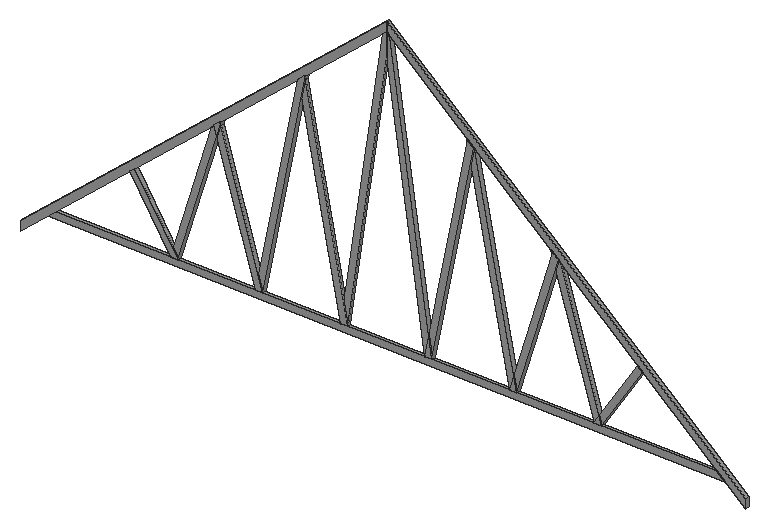
Revit family "TripleFinkTruss", category Structural Framing, Revit 2023
Family settings
  Section Shape = Not Defined
  Material for Model Behavior = Wood
  Always export as geometry = No
  OmniClass Number = 23.25.30.21.14
  OmniClass Title = Trussed Beams and Joists
  Work Plane-Based = No
  Always vertical = Yes
  Cut with Voids When Loaded = No
  Symbolic Representation = From Family
  Shared = No
  Show family pre-cut in plan views = Yes
Parameters
  WebWidth [instance] = 50 mm
  TopWidth [instance] = 50 mm
  WebDepth [instance] = 100 mm
  Structural Material [instance] = Poche
  SpanleftMini [instance] = SpanLeft / 12  # 416.667 mm
  SpanRightMini [instance] = SpanRight / 12  # 416.667 mm
  SpanRight [instance] = 5000 mm
  SpanLeft [instance] = 5000 mm
  Span [instance] = SpanLeft + SpanRight  # 10000 mm
  SlopeRight [instance] = 40.00°
  SlopeLeft [instance] = 40.00°
  OverhangRight [instance] = 400 mm
  OverhangLeft [instance] = 300 mm
  BottomWidth [instance] = 50 mm
  BottomDepth [instance] = 100 mm
  TopDepth [instance] = 100 mm
Reference planes
  plane 1 "Center (Front/Back)": y = 0
  plane 2: z = 0
  plane 3 "Center (Left/Right)": x = 0
  plane 4: x = 5000
  plane 5: x = 5300
  plane 6: x = -5000
  plane 7: x = -5400
  plane 8: z = 100
  plane 9: x = -1250
  plane 10: x = -2500
  plane 11: x = -3750
  plane 12: x = 1250
  plane 13: x = 2500
  plane 14: x = 3750
  plane 15: x = -625
  plane 16: x = -1875
  plane 17: x = -3125
  plane 18: x = 625
  plane 19: x = 1875
  plane 20: x = 3125
  plane 21: x = -4375
  plane 22: x = 4375
Forms (mm)
  Extrusion 1, solid, material "Cherry"
    sketch origin (0, 0, 0) x (1, 0, 0) y (0, 0, 1)
      loop
        line (-5000, 0) -> (5000, 0) -> (4880.825, 100) -> (-4880.825, 100) -> (-5000, 0)
    from -25 to 25
  Extrusion 2, solid, material "Cherry"
    sketch origin (0, 0, 0) x (1, 0, 0) y (0, 0, 1)
      loop
        line (-58.007, 4146.825) -> (-675.579, 100) -> (-574.421, 100) -> (0, 3864.065) -> (0, 4195.498) -> (-58.007, 4146.825)
    from -25 to 25
  Extrusion 3, solid, material "Cherry"
    sketch origin (0, 0, 0) x (1, 0, 0) y (0, 0, 1)
      loop
        line (0, 3864.065) -> (574.421, 100) -> (675.579, 100) -> (58.007, 4146.825) -> (0, 4195.498) -> (0, 3864.065)
    from -25 to 25
  Extrusion 4, solid, material "Cherry"
    sketch origin (0, 0, 0) x (1, 0, 0) y (0, 0, 1)
      loop
        line (573.959, 100) -> (676.041, 100) -> (1293.545, 3110.085) -> (1206.455, 3183.163) -> (573.959, 100)
    from -25 to 25
  Extrusion 5, solid, material "Cherry"
    sketch origin (0, 0, 0) x (1, 0, 0) y (0, 0, 1)
      loop
        line (3065.128, 100) -> (3184.872, 100) -> (3788.56, 1016.519) -> (3711.44, 1081.23) -> (3065.128, 100)
    from -25 to 25
  Extrusion 6, solid, material "Cherry"
    sketch origin (0, 0, 0) x (1, 0, 0) y (0, 0, 1)
      loop
        line (-3184.872, 100) -> (-3065.128, 100) -> (-3711.44, 1081.23) -> (-3788.56, 1016.519) -> (-3184.872, 100)
    from -25 to 25
  Extrusion 7, solid, material "Cherry"
    sketch origin (0, 0, 0) x (1, 0, 0) y (0, 0, 1)
      loop
        line (-1822.61, 100) -> (-2458.504, 2132.569) -> (-2541.496, 2062.929) -> (-1927.39, 100) -> (-1822.61, 100)
    from -25 to 25
  Extrusion 8, solid, material "Cherry"
    sketch origin (0, 0, 0) x (1, 0, 0) y (0, 0, 1)
      loop
        line (1927.39, 100) -> (2541.496, 2062.929) -> (2458.504, 2132.569) -> (1822.61, 100) -> (1927.39, 100)
    from -25 to 25
  Extrusion 9, solid, material "Cherry"
    sketch origin (0, 0, 0) x (1, 0, 0) y (0, 0, 1)
      loop
        line (2571.038, 2038.141) -> (2428.962, 2157.357) -> (3072.61, 100) -> (3177.39, 100) -> (2571.038, 2038.141)
    from -25 to 25
  Extrusion 10, solid, material "Cherry"
    sketch origin (0, 0, 0) x (1, 0, 0) y (0, 0, 1)
      loop
        line (-2428.962, 2157.357) -> (-2571.038, 2038.141) -> (-3177.39, 100) -> (-3072.61, 100) -> (-2428.962, 2157.357)
    from -25 to 25
  Extrusion 11, solid, material "Cherry"
    sketch origin (0, 0, 0) x (1, 0, 0) y (0, 0, 1)
      loop
        line (-1188.346, 3198.358) -> (-1311.654, 3094.89) -> (-1926.041, 100) -> (-1823.959, 100) -> (-1188.346, 3198.358)
    from -25 to 25
  Extrusion 12, solid, material "Cherry"
    sketch origin (0, 0, 0) x (1, 0, 0) y (0, 0, 1)
      loop
        line (1311.654, 3094.89) -> (1188.346, 3198.358) -> (1823.959, 100) -> (1926.041, 100) -> (1311.654, 3094.89)
    from -25 to 25
  Extrusion 13, solid, material "Cherry"
    sketch origin (0, 0, 0) x (1, 0, 0) y (0, 0, 1)
      loop
        line (5300, -251.73) -> (5300, -121.189) -> (0, 4326.039) -> (0, 4195.498) -> (5300, -251.73)
    from -25 to 25
  Extrusion 14, solid, material "Cherry"
    sketch origin (0, 0, 0) x (1, 0, 0) y (0, 0, 1)
      loop
        line (-5400, -335.64) -> (0, 4195.498) -> (0, 4326.039) -> (-5400, -205.099) -> (-5400, -335.64)
    from -25 to 25
  Extrusion 15, solid, material "Cherry"
    sketch origin (0, 0, 0) x (1, 0, 0) y (0, 0, 1)
      loop
        line (-573.959, 100) -> (-1206.455, 3183.163) -> (-1293.545, 3110.085) -> (-676.041, 100) -> (-573.959, 100)
    from -25 to 25
Lines and regions (mm)
  reference lines
    curve 1: line (5000, 0, 0) -> (0, 0, 4195.498)
    curve 2: line (5155.572, 0, 0) -> (120, 0, 4225.347)
    curve 3: line (-5000, 0, 0) -> (0, 0, 4195.498)
    curve 4: line (-5026.162, 0, 108.588) -> (-162.055, 0, 4190.058)
    curve 5: line (0, 25, 1595.888) -> (0, 25, -804.112)
    curve 6: line (0, -25, 1595.888) -> (0, -25, -804.112)
    curve 7: line (0, -25, 1595.888) -> (0, -25, -804.112)
    curve 8: line (0, -25, 1595.888) -> (0, -25, -804.112)
    curve 9: line (0, 25, 1595.888) -> (0, 25, -804.112)
    curve 10: line (0, 25, 1595.888) -> (0, 25, -804.112)
    curve 11: line (0, 0, 4195.498) -> (-625, 0, 100)
    curve 12: line (-625, 0, 100) -> (-1250, 0, 3146.624)
    curve 13: line (-1250, 0, 3146.624) -> (-1875, 0, 100)
    curve 14: line (-1875, 0, 100) -> (-2500, 0, 2097.749)
    curve 15: line (-2500, 0, 2097.749) -> (-3125, 0, 100)
    curve 16: line (-3125, 0, 100) -> (-3750, 0, 1048.875)
    curve 17: line (0, 0, 4195.498) -> (625, 0, 100)
    curve 18: line (625, 0, 100) -> (1250, 0, 3146.624)
    curve 19: line (1250, 0, 3146.624) -> (1875, 0, 100)
    curve 20: line (1875, 0, 100) -> (2500, 0, 2097.749)
    curve 21: line (2500, 0, 2097.749) -> (3125, 0, 100)
    curve 22: line (3125, 0, 100) -> (3750, 0, 1048.875)
    curve 23: line (3128.08, 0, 195.574) -> (3670.408, 0, 1018.935)
    curve 24: line (3120.253, 0, 1.896) -> (3829.592, 0, 1078.814)
    curve 25: line (2593.838, 0, 1965.265) -> (3142.021, 0, 213.054)
    curve 26: line (2406.162, 0, 2230.233) -> (3122.147, 0, -58.339)
    curve 27: line (1857.979, 0, 213.054) -> (2406.162, 0, 1965.265)
    curve 28: line (1877.853, 0, -58.339) -> (2593.838, 0, 2230.233)
    curve 29: line (1347.173, 0, 2921.752) -> (1923.116, 0, 114.259)
    curve 30: line (1152.827, 0, 3371.495) -> (1826.884, 0, 85.741)
    curve 31: line (576.884, 0, 114.259) -> (1152.827, 0, 2921.752)
    curve 32: line (673.116, 0, 85.741) -> (1347.173, 0, 3371.495)
    curve 33: line (98.396, 0, 3882.162) -> (672.857, 0, 117.838)
    curve 34: line (-98.396, 0, 4508.835) -> (577.143, 0, 82.162)
    curve 35: line (-98.396, 0, 3882.162) -> (-672.857, 0, 117.838)
    curve 36: line (98.396, 0, 4508.835) -> (-577.143, 0, 82.162)
    curve 37: line (-576.884, 0, 114.259) -> (-1152.827, 0, 2921.752)
    curve 38: line (-673.116, 0, 85.741) -> (-1347.173, 0, 3371.495)
    curve 39: line (-1347.173, 0, 2921.752) -> (-1923.116, 0, 114.259)
    curve 40: line (-1152.827, 0, 3371.495) -> (-1826.884, 0, 85.741)
    curve 41: line (-1857.979, 0, 213.054) -> (-2406.162, 0, 1965.265)
    curve 42: line (-1877.853, 0, -58.339) -> (-2593.838, 0, 2230.233)
    curve 43: line (-2593.838, 0, 1965.265) -> (-3142.021, 0, 213.054)
    curve 44: line (-2406.162, 0, 2230.233) -> (-3122.147, 0, -58.339)
    curve 45: line (-3128.08, 0, 195.574) -> (-3670.408, 0, 1018.935)
    curve 46: line (-3120.253, 0, 1.896) -> (-3829.592, 0, 1078.814)
Dimensions and locks
  "OverhangLeft": plane 4 to plane 5
  "OverhangRight": plane 6 to plane 7
  "SpanRight": plane 3 "Center (Left/Right)" to plane 6
  "SpanLeft": plane 3 "Center (Left/Right)" to plane 4
  "BottomDepth": level to plane 8
  "TopDepth": curve 1 to curve 2
  "TopDepth": curve 4 to curve 3
  equal spacing: curve 5, plane 1 "Center (Front/Back)", curve 6
  "TopWidth": curve 5 to curve 6
  equal spacing: curve 9, plane 1 "Center (Front/Back)", curve 7
  equal spacing: curve 10, plane 1 "Center (Front/Back)", curve 8
  "WebWidth": curve 9 to curve 7
  "BottomWidth": curve 10 to curve 8
  plane 4 to plane 3 "Center (Left/Right)" = 5000 mm
  plane 3 "Center (Left/Right)" to plane 6 = 5000 mm
  equal spacing: plane 3 "Center (Left/Right)", plane 18, plane 12, plane 19, plane 13, plane 20, plane 14, plane 22, plane 4
  equal spacing: plane 3 "Center (Left/Right)", plane 15, plane 9, plane 16, plane 10, plane 17, plane 11, plane 21, plane 6
  equal spacing: curve 23, curve 22, curve 24
  equal spacing: curve 25, curve 21, curve 26
  equal spacing: curve 27, curve 20, curve 28
  equal spacing: curve 29, curve 19, curve 30
  equal spacing: curve 31, curve 18, curve 32
  equal spacing: curve 33, curve 17, curve 34
  equal spacing: curve 36, curve 11, curve 35
  equal spacing: curve 38, curve 12, curve 37
  equal spacing: curve 40, curve 13, curve 39
  equal spacing: curve 42, curve 14, curve 41
  equal spacing: curve 44, curve 15, curve 43
  equal spacing: curve 46, curve 16, curve 45
  "WebDepth": curve 23 to curve 24
  "WebDepth": curve 25 to curve 26
  "WebDepth": curve 27 to curve 28
  "WebDepth": curve 29 to curve 30
  "WebDepth": curve 31 to curve 32
  "WebDepth": curve 33 to curve 34
  "WebDepth": curve 36 to curve 35
  "WebDepth": curve 38 to curve 37
  "WebDepth": curve 40 to curve 39
  "WebDepth": curve 42 to curve 41
  "WebDepth": curve 44 to curve 43
  "WebDepth": curve 46 to curve 45
  "SlopeLeft": angle level to curve 1
  "SlopeRight": angle curve 3 to level
  aligned and locked: plane 2 to level
  aligned and locked: level to curve 1
  aligned and locked: plane 3 "Center (Left/Right)" to curve 1
  aligned and locked: plane 4 to curve 1
  aligned and locked: plane 6 to curve 3
  aligned and locked: level to Extrusion 1 sketch curve
  aligned and locked: plane 8 to Extrusion 1 sketch curve
  aligned and locked: Extrusion 1 sketch curve to curve 3
  aligned and locked: Extrusion 1 sketch curve to curve 1
  aligned and locked: curve 10 to Extrusion 1
  aligned and locked: Extrusion 1 to curve 8
  aligned and locked: Extrusion 2 sketch curve to curve 35
  aligned and locked: curve 36 to Extrusion 2 sketch curve
  aligned and locked: curve 3 to Extrusion 2 sketch curve
  aligned and locked: plane 3 "Center (Left/Right)" to Extrusion 2 sketch curve
  aligned and locked: Extrusion 1 to Extrusion 2 sketch curve
  aligned and locked: curve 34 to Extrusion 3 sketch curve
  aligned and locked: Extrusion 3 sketch curve to curve 33
  aligned and locked: plane 3 "Center (Left/Right)" to Extrusion 3 sketch curve
  aligned and locked: Extrusion 1 to Extrusion 3 sketch curve
  aligned and locked: curve 1 to Extrusion 3 sketch curve
  aligned and locked: Extrusion 4 sketch curve to curve 31
  aligned and locked: curve 32 to Extrusion 4 sketch curve
  aligned and locked: curve 1 to Extrusion 4 sketch curve
  aligned and locked: Extrusion 1 to Extrusion 4 sketch curve
  aligned and locked: Extrusion 5 sketch curve to curve 23
  aligned and locked: curve 24 to Extrusion 5 sketch curve
  aligned and locked: curve 1 to Extrusion 5 sketch curve
  aligned and locked: Extrusion 1 to Extrusion 5 sketch curve
  aligned and locked: curve 46 to Extrusion 6 sketch curve
  aligned and locked: Extrusion 6 sketch curve to curve 45
  aligned and locked: curve 3 to Extrusion 6 sketch curve
  aligned and locked: Extrusion 1 to Extrusion 6 sketch curve
  aligned and locked: Extrusion 7 sketch curve to curve 41
  aligned and locked: curve 42 to Extrusion 7 sketch curve
  aligned and locked: curve 3 to Extrusion 7 sketch curve
  aligned and locked: Extrusion 1 to Extrusion 7 sketch curve
  aligned and locked: curve 28 to Extrusion 8 sketch curve
  aligned and locked: Extrusion 8 sketch curve to curve 27
  aligned and locked: curve 1 to Extrusion 8 sketch curve
  aligned and locked: Extrusion 1 to Extrusion 8 sketch curve
  aligned and locked: Extrusion 7 to curve 9
  aligned and locked: Extrusion 7 to curve 7
  aligned and locked: curve 9 to Extrusion 6
  aligned and locked: Extrusion 6 to curve 7
  aligned and locked: Extrusion 3 to Extrusion 2  (x2)
  aligned and locked: Extrusion 2 to Extrusion 4
  aligned and locked: Extrusion 4 to Extrusion 2
  aligned and locked: Extrusion 2 to Extrusion 8
  aligned and locked: Extrusion 8 to Extrusion 2
  aligned and locked: curve 9 to Extrusion 5
  aligned and locked: Extrusion 5 to curve 7
  aligned and locked: Extrusion 9 sketch curve to curve 25
  aligned and locked: curve 26 to Extrusion 9 sketch curve
  aligned and locked: curve 1 to Extrusion 9 sketch curve
  aligned and locked: Extrusion 1 to Extrusion 9 sketch curve
  aligned and locked: curve 44 to Extrusion 10 sketch curve
  aligned and locked: Extrusion 10 sketch curve to curve 43
  aligned and locked: curve 3 to Extrusion 10 sketch curve
  aligned and locked: Extrusion 1 to Extrusion 10 sketch curve
  aligned and locked: curve 40 to Extrusion 11 sketch curve
  aligned and locked: Extrusion 11 sketch curve to curve 39
  aligned and locked: curve 3 to Extrusion 11 sketch curve
  aligned and locked: Extrusion 1 to Extrusion 11 sketch curve
  aligned and locked: Extrusion 12 sketch curve to curve 29
  aligned and locked: curve 30 to Extrusion 12 sketch curve
  aligned and locked: Extrusion 1 to Extrusion 12 sketch curve
  aligned and locked: curve 1 to Extrusion 12 sketch curve
  aligned and locked: Extrusion 2 to Extrusion 10
  aligned and locked: Extrusion 10 to Extrusion 2
  aligned and locked: Extrusion 2 to Extrusion 11
  aligned and locked: Extrusion 11 to Extrusion 2
  aligned and locked: Extrusion 2 to Extrusion 12
  aligned and locked: Extrusion 12 to Extrusion 2
  aligned and locked: Extrusion 2 to Extrusion 9
  aligned and locked: Extrusion 9 to Extrusion 2
  aligned and locked: Extrusion 13 sketch curve to curve 1
  aligned and locked: Extrusion 13 sketch curve to curve 2
  aligned and locked: Extrusion 13 sketch curve to plane 3 "Center (Left/Right)"
  aligned and locked: Extrusion 13 sketch curve to plane 5
  aligned and locked: Extrusion 14 sketch curve to curve 3
  aligned and locked: Extrusion 14 sketch curve to curve 4
  aligned and locked: Extrusion 14 sketch curve to plane 3 "Center (Left/Right)"
  aligned and locked: plane 7 to Extrusion 14 sketch curve
  aligned and locked: Extrusion 14 to curve 5
  aligned and locked: Extrusion 14 to curve 6
  aligned and locked: Extrusion 13 to curve 5
  aligned and locked: Extrusion 13 to curve 6
  aligned and locked: Extrusion 15 sketch curve to curve 37
  aligned and locked: curve 38 to Extrusion 15 sketch curve
  aligned and locked: Extrusion 14 to Extrusion 15 sketch curve
  aligned and locked: Extrusion 1 to Extrusion 15 sketch curve
  aligned and locked: Extrusion 15 to curve 9
  aligned and locked: Extrusion 15 to curve 7
  aligned and locked: Extrusion 10 to curve 9
  aligned and locked: Extrusion 10 to curve 7
Automatic sketch dimensions
  level to curve 10 = 804.112 mm
  curve 5 to curve 10 = 0 mm
  curve 8 to curve 5 = 0 mm
  curve 8 to curve 6 = 0 mm  (x2)
  curve 8 to curve 7 = 0 mm  (x2)
  curve 9 to curve 10 = 0 mm  (x2)
  curve 6 to plane 8 = 1495.888 mm
  curve 6 to curve 9 = 0 mm
  curve 5 to curve 9 = 0 mm
  plane 11 to curve 16 = 0 mm
  curve 15 to plane 8 = 0 mm
  plane 17 to curve 15 = 0 mm
  plane 10 to curve 14 = 0 mm
  curve 14 to plane 8 = 0 mm
  plane 16 to curve 14 = 0 mm
  plane 9 to curve 13 = 0 mm
  curve 11 to plane 8 = 0 mm
  plane 15 to curve 11 = 0 mm
  curve 18 to plane 8 = 0 mm
  curve 18 to plane 18 = 0 mm
  curve 19 to plane 12 = 0 mm
  curve 20 to plane 8 = 0 mm
  curve 20 to plane 19 = 0 mm
  curve 21 to plane 13 = 0 mm
  curve 22 to plane 8 = 0 mm
  curve 22 to plane 20 = 0 mm
  curve 22 to plane 14 = 0 mm
  curve 2 to level = 0 mm
  curve 4 to plane 8 = 8.588 mm
  plane 11 to curve 46 = 79.592 mm
  curve 45 to plane 11 = 79.592 mm
  plane 17 to curve 43 = 17.021 mm
  plane 17 to curve 45 = 3.08 mm
  curve 44 to plane 17 = 2.853 mm
  curve 46 to level = 1.896 mm
  plane 10 to curve 43 = 93.838 mm
  plane 10 to curve 42 = 93.838 mm
  curve 41 to plane 10 = 93.838 mm
  curve 44 to plane 10 = 93.838 mm
  curve 39 to plane 8 = 14.259 mm
  plane 16 to curve 42 = 2.853 mm
  curve 41 to plane 16 = 17.021 mm
  plane 8 to curve 40 = 14.259 mm
  plane 9 to curve 39 = 97.173 mm
  plane 9 to curve 38 = 97.173 mm
  curve 37 to plane 9 = 97.173 mm
  curve 40 to plane 9 = 97.173 mm
  plane 8 to curve 38 = 14.259 mm
  curve 35 to plane 8 = 17.838 mm
  plane 8 to curve 36 = 17.838 mm
  curve 37 to plane 8 = 14.259 mm
  curve 4 to plane 3 "Center (Left/Right)" = 162.055 mm
  curve 34 to plane 3 "Center (Left/Right)" = 98.396 mm
  curve 35 to plane 3 "Center (Left/Right)" = 98.396 mm
  plane 3 "Center (Left/Right)" to curve 33 = 98.396 mm
  plane 3 "Center (Left/Right)" to curve 36 = 98.396 mm
  plane 3 "Center (Left/Right)" to curve 2 = 120 mm
  curve 31 to plane 8 = 14.259 mm
  plane 8 to curve 34 = 17.838 mm
  curve 33 to plane 8 = 17.838 mm
  plane 8 to curve 32 = 14.259 mm
  curve 31 to plane 12 = 97.173 mm
  curve 30 to plane 12 = 97.173 mm
  plane 12 to curve 29 = 97.173 mm
  plane 12 to curve 32 = 97.173 mm
  plane 8 to curve 30 = 14.259 mm
  curve 27 to plane 19 = 17.021 mm
  plane 19 to curve 28 = 2.853 mm
  curve 29 to plane 8 = 14.259 mm
  curve 26 to plane 13 = 93.838 mm
  curve 27 to plane 13 = 93.838 mm
  plane 13 to curve 28 = 93.838 mm
  plane 13 to curve 25 = 93.838 mm
  curve 24 to level = 1.896 mm
  curve 26 to plane 20 = 2.853 mm
  plane 20 to curve 23 = 3.08 mm
  plane 20 to curve 25 = 17.021 mm
  curve 23 to plane 14 = 79.592 mm
  plane 14 to curve 24 = 79.592 mm
